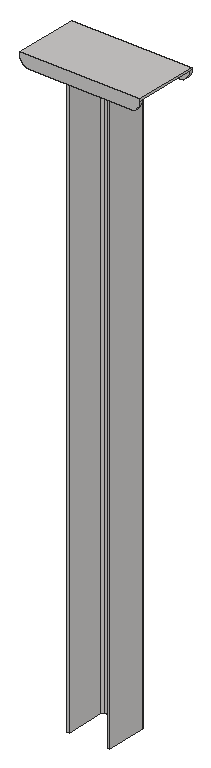
Revit family "E_Cable Tray Support_MEPcontent_OBO Bettermann_US5 FT", category Cable Tray Fittings, Revit 2015
Parameters (values of type "US 5 K 70 FT")
  Wholesaler Art. No. = ""
  Wholesaler = ""
  Watermarked By = "www.stabiplan.com"
  Width 1 = 50.00 mm  # constant formula
  URL = "www.stabiplan.com"
  built-in parameter 1140111 [instance] = 2.50 mm  # constant formula
  Stabu Code = ""
  Revit Version = "2015"  # constant formula
  MEPcontent Class = "CABLE_TRAY_SUPPORT"  # constant formula
  Internal Art. No. = ""
  IFCExportType = "NOTDEFINED"  # constant formula
  IFCExportAs = "IfcCableCarrierFittingType"  # constant formula
  Function Code [instance] = ""
  Family Version = "10.14"  # constant formula
  ETIM Article Class = "EC000082"  # constant formula
  EMCS Version = "2.0"  # constant formula
  Copyright = "© Stabiplan International BV"  # constant formula
  Content Supplier URL = ""
  CB-NL Class = ""
  Article Type = if(and(Width 1 = 50.00 mm, Height 1 = 200.00 mm), "US 5 K 20 FT", if(and(Width 1 = 50.00 mm, Height 1 = 300.00 mm), "US 5 K 30 FT", if(and(Width 1 = 50.00 mm, Height 1 = 400.00 mm), "US 5 K 40 FT", if(and(Width 1 = 50.00 mm, Height 1 = 500.00 mm), "US 5 K 50 FT", if(and(Width 1 = 50.00 mm, Height 1 = 600.00 mm), "US 5 K 60 FT", if(and(Width 1 = 50.00 mm, Height 1 = 700.00 mm), "US 5 K 70 FT", if(and(Width 1 = 50.00 mm, Height 1 = 800.00 mm), "US 5 K 80 FT", if(and(Width 1 = 50.00 mm, Height 1 = 900.00 mm), "US 5 K 90 FT", if(and(Width 1 = 50.00 mm, Height 1 = 1000.00 mm), "US 5 K 100 FT", if(and(Width 1 = 50.00 mm, Height 1 = 1100.00 mm), "US 5 K 110 FT", if(and(Width 1 = 50.00 mm, Height 1 = 1200.00 mm), "US 5 K 120 FT", "Unknown")))))))))))  # "US 5 K 70 FT"
  Product Line = "OBO BETTERMANN CableTrays"  # constant formula
  Model = if(and(Width 1 = 50.00 mm, Height 1 = 200.00 mm), "US 5 K 20 FT", if(and(Width 1 = 50.00 mm, Height 1 = 300.00 mm), "US 5 K 30 FT", if(and(Width 1 = 50.00 mm, Height 1 = 400.00 mm), "US 5 K 40 FT", if(and(Width 1 = 50.00 mm, Height 1 = 500.00 mm), "US 5 K 50 FT", if(and(Width 1 = 50.00 mm, Height 1 = 600.00 mm), "US 5 K 60 FT", if(and(Width 1 = 50.00 mm, Height 1 = 700.00 mm), "US 5 K 70 FT", if(and(Width 1 = 50.00 mm, Height 1 = 800.00 mm), "US 5 K 80 FT", if(and(Width 1 = 50.00 mm, Height 1 = 900.00 mm), "US 5 K 90 FT", if(and(Width 1 = 50.00 mm, Height 1 = 1000.00 mm), "US 5 K 100 FT", if(and(Width 1 = 50.00 mm, Height 1 = 1100.00 mm), "US 5 K 110 FT", if(and(Width 1 = 50.00 mm, Height 1 = 1200.00 mm), "US 5 K 120 FT", "Unknown")))))))))))  # "US 5 K 70 FT"
  Manufacturer = "OBO BETTERMANN"  # constant formula
  Custom [instance] = if(and(Width 1 = 50.00 mm, Height 1 = 200.00 mm), 1 = 0, if(and(Width 1 = 50.00 mm, Height 1 = 300.00 mm), 1 = 0, if(and(Width 1 = 50.00 mm, Height 1 = 400.00 mm), 1 = 0, if(and(Width 1 = 50.00 mm, Height 1 = 500.00 mm), 1 = 0, if(and(Width 1 = 50.00 mm, Height 1 = 600.00 mm), 1 = 0, if(and(Width 1 = 50.00 mm, Height 1 = 700.00 mm), 1 = 0, if(and(Width 1 = 50.00 mm, Height 1 = 800.00 mm), 1 = 0, if(and(Width 1 = 50.00 mm, Height 1 = 900.00 mm), 1 = 0, if(and(Width 1 = 50.00 mm, Height 1 = 1000.00 mm), 1 = 0, if(and(Width 1 = 50.00 mm, Height 1 = 1100.00 mm), 1 = 0, if(and(Width 1 = 50.00 mm, Height 1 = 1200.00 mm), 1 = 0, 1 = 1)))))))))))  # no
  Height 1 = 700.00 mm
  GTIN = if(and(Width 1 = 50.00 mm, Height 1 = 200.00 mm), "4012196536771", if(and(Width 1 = 50.00 mm, Height 1 = 300.00 mm), "4012196536719", if(and(Width 1 = 50.00 mm, Height 1 = 400.00 mm), "4012196536658", if(and(Width 1 = 50.00 mm, Height 1 = 500.00 mm), "4012196536597", if(and(Width 1 = 50.00 mm, Height 1 = 600.00 mm), "4012196536535", if(and(Width 1 = 50.00 mm, Height 1 = 700.00 mm), "4012196536474", if(and(Width 1 = 50.00 mm, Height 1 = 800.00 mm), "4012196536412", if(and(Width 1 = 50.00 mm, Height 1 = 900.00 mm), "4012196536351", if(and(Width 1 = 50.00 mm, Height 1 = 1000.00 mm), "4012196536290", if(and(Width 1 = 50.00 mm, Height 1 = 1100.00 mm), "4012196536238", if(and(Width 1 = 50.00 mm, Height 1 = 1200.00 mm), "4012196536177", "Unknown")))))))))))  # "4012196536474"
  Description = "U support with welded head plate."  # constant formula
  Depth = 75.00 mm  # constant formula
  Manufacturer URL = "http://catalog4.obo-bettermann.com/catalogue/catalogue.do?forward=showProductGroup&act=showIO&favOid=bss_4933&action=showManyProducts&lang=nl&OID=bss_4933&catId="
  Gray = Color RGB 189-187-185
  Manufacturer Art. No. = if(and(Width 1 = 50.00 mm, Height 1 = 200.00 mm), "6341527", if(and(Width 1 = 50.00 mm, Height 1 = 300.00 mm), "6341535", if(and(Width 1 = 50.00 mm, Height 1 = 400.00 mm), "6341543", if(and(Width 1 = 50.00 mm, Height 1 = 500.00 mm), "6341551", if(and(Width 1 = 50.00 mm, Height 1 = 600.00 mm), "6341578", if(and(Width 1 = 50.00 mm, Height 1 = 700.00 mm), "6341586", if(and(Width 1 = 50.00 mm, Height 1 = 800.00 mm), "6341594", if(and(Width 1 = 50.00 mm, Height 1 = 900.00 mm), "6341608", if(and(Width 1 = 50.00 mm, Height 1 = 1000.00 mm), "6341616", if(and(Width 1 = 50.00 mm, Height 1 = 1100.00 mm), "6341624", if(and(Width 1 = 50.00 mm, Height 1 = 1200.00 mm), "6341632", "Unknown")))))))))))  # "6341586"
  Article Description = "U support with welded head plate."  # constant formula
Types (11, lengths in mm): name | Article Type | Model | Height 1 | GTIN | Manufacturer Art. No.
  US 5 K 20 FT | "US 5 K 20 FT" | "US 5 K 20 FT" | 200.00 | "4012196536771" | "6341527"
  US 5 K 30 FT | "US 5 K 30 FT" | "US 5 K 30 FT" | 300.00 | "4012196536719" | "6341535"
  US 5 K 40 FT | "US 5 K 40 FT" | "US 5 K 40 FT" | 400.00 | "4012196536658" | "6341543"
  US 5 K 50 FT | "US 5 K 50 FT" | "US 5 K 50 FT" | 500.00 | "4012196536597" | "6341551"
  US 5 K 60 FT | "US 5 K 60 FT" | "US 5 K 60 FT" | 600.00 | "4012196536535" | "6341578"
  US 5 K 70 FT | "US 5 K 70 FT" | "US 5 K 70 FT" | 700.00 | "4012196536474" | "6341586"
  US 5 K 80 FT | "US 5 K 80 FT" | "US 5 K 80 FT" | 800.00 | "4012196536412" | "6341594"
  US 5 K 90 FT | "US 5 K 90 FT" | "US 5 K 90 FT" | 900.00 | "4012196536351" | "6341608"
  US 5 K 100 FT | "US 5 K 100 FT" | "US 5 K 100 FT" | 1000.00 | "4012196536290" | "6341616"
  US 5 K 110 FT | "US 5 K 110 FT" | "US 5 K 110 FT" | 1100.00 | "4012196536238" | "6341624"
  US 5 K 120 FT | "US 5 K 120 FT" | "US 5 K 120 FT" | 1200.00 | "4012196536177" | "6341632"
Reference planes
  plane 1 "Center (Front/Back)": y = 0
  plane 2: z = 0
  plane 3 "Center (Left/Right)": x = 0
  plane 4: x = -25
  plane 5: x = 25
  plane 6: y = -25
  plane 7: y = 25
  plane 8: x = -70
  plane 9: x = 70
  plane 10: y = -37.5
  plane 11: y = 37.5
  plane 12: y = -35
  plane 13: y = 35
  plane 14: z = -700
  plane 15: z = -2.5
Forms (mm)
  Extrusion 1, solid, material "Color RGB 189-187-185" <- "Gray", detail levels medium+fine
    sketch origin (0, 0, 0) x (1, 0, 0) y (0, 1, 0)
      loop
        line (-25, -25) -> (-22.5, -25) -> (-22.5, 20)
        arc (-22.5, 20) -> (-21.768, 21.768) -> (-20, 22.5) r 2.5
        line (-20, 22.5) -> (20, 22.5)
        arc (20, 22.5) -> (21.768, 21.768) -> (22.5, 20) r 2.5
        line (22.5, 20) -> (22.5, -25) -> (25, -25) -> (25, 22.5)
        arc (25, 22.5) -> (24.268, 24.268) -> (22.5, 25) r 2.5
        line (22.5, 25) -> (-22.5, 25)
        arc (-22.5, 25) -> (-24.268, 24.268) -> (-25, 22.5) r 2.5
        line (-25, 22.5) -> (-25, -25)
    from -700 to -2.5
  Extrusion 2, solid, material "Color RGB 189-187-185" <- "Gray", detail levels medium+fine
    sketch origin (0, 0, 0) x (1, 0, 0) y (0, 0, 1)
      loop
        line (-70, 0) -> (-70, -3)
        arc (-70, -3) -> (-66.485, -11.485) -> (-58, -15) r 12
        line (-58, -15) -> (58, -15)
        arc (58, -15) -> (66.485, -11.485) -> (70, -3) r 12
        line (70, -3) -> (70, 0) -> (-70, 0)
    from 35 to 37.5
  Extrusion 3, solid, material "Color RGB 189-187-185" <- "Gray", detail levels medium+fine
    sketch origin (0, 0, 0) x (1, 0, 0) y (0, 0, -1)
      loop
        line (-70, 0) -> (70, 0) -> (70, 3)
        arc (70, 3) -> (66.485, 11.485) -> (58, 15) r 12
        line (58, 15) -> (-58, 15)
        arc (-58, 15) -> (-66.485, 11.485) -> (-70, 3) r 12
        line (-70, 3) -> (-70, 0)
    from 35 to 37.5
  Extrusion 4, solid, material "Color RGB 189-187-185" <- "Gray", detail levels medium+fine
    sketch origin (0, 0, 0) x (1, 0, 0) y (0, 1, 0)
      loop
        line (-70, 37.5) -> (-70, -37.5) -> (70, -37.5) -> (70, 37.5) -> (-70, 37.5)
    from -2.5 to 0
Cuts and joins
  joined: Extrusion 1, Extrusion 2, Extrusion 3, Extrusion 4
Lines and regions (mm)
  model lines, style "Fittings", detail levels coarse
    curve 1: line (0, 0, 0) -> (0, 0, -700)
Dimensions and locks
  equal spacing: plane 5, plane 3 "Center (Left/Right)", plane 4
  "Width 1": plane 5 to plane 4
  equal spacing: plane 6, plane 1 "Center (Front/Back)", plane 7
  "Width 1": plane 6 to plane 7
  equal spacing: plane 9, plane 3 "Center (Left/Right)", plane 8
  locked: plane 9 to plane 8 at 140
  equal spacing: plane 10, plane 1 "Center (Front/Back)", plane 11
  "Depth": plane 10 to plane 11
  "built-in parameter 1140111": Extrusion 1 sketch curve to Extrusion 1 sketch curve  (x3)
  "built-in parameter 1140111": plane 10 to plane 12
  "built-in parameter 1140111": plane 13 to plane 11
  "built-in parameter 1140111": level to plane 15
  "Height 1": level to plane 14
  radius of Extrusion 1 sketch curve = 2.50 mm  (x4)
  aligned and locked: level to plane 2
  aligned and locked: plane 4 to Extrusion 1 sketch curve
  aligned and locked: plane 7 to Extrusion 1 sketch curve
  aligned and locked: plane 5 to Extrusion 1 sketch curve
  aligned and locked: Extrusion 1 sketch curve to plane 6
  aligned and locked: plane 6 to Extrusion 1 sketch curve
  aligned and locked: Extrusion 2 to plane 10
  aligned and locked: Extrusion 2 to plane 12
  aligned and locked: Extrusion 3 to plane 11
  aligned and locked: plane 13 to Extrusion 3
  aligned and locked: Extrusion 4 sketch curve to Extrusion 3  (x2)
  aligned and locked: Extrusion 4 sketch curve to Extrusion 2  (x2)
  aligned and locked: Extrusion 1 to plane 14
  aligned and locked: plane 15 to Extrusion 1
  aligned and locked: Extrusion 4 to Extrusion 1
  aligned and locked: level to Extrusion 4
  aligned and locked: plane 8 to Extrusion 2 sketch curve
  aligned and locked: plane 9 to Extrusion 2 sketch curve
  aligned and locked: plane 9 to Extrusion 3 sketch curve
  aligned and locked: plane 8 to Extrusion 3 sketch curve
  aligned and locked: plane 14 to curve 1
  aligned and locked: level to curve 1
Automatic sketch dimensions
  plane 8 to Extrusion 2 sketch curve = 12.00 mm
  Extrusion 2 sketch curve to Extrusion 2 sketch curve = 12.00 mm
  plane 8 to Extrusion 3 sketch curve = 12.00 mm
  Extrusion 3 sketch curve to Extrusion 3 sketch curve = 12.00 mm
  Extrusion 2 sketch curve to level = 0.00 mm
  Extrusion 3 sketch curve to level = 0.00 mm
  Extrusion 2 sketch curve to plane 15 = 0.50 mm
  Extrusion 3 sketch curve to plane 15 = 0.50 mm
  curve 1 to plane 3 "Center (Left/Right)" = 0.00 mm
  Extrusion 1 sketch curve to plane 5 = 0.00 mm
